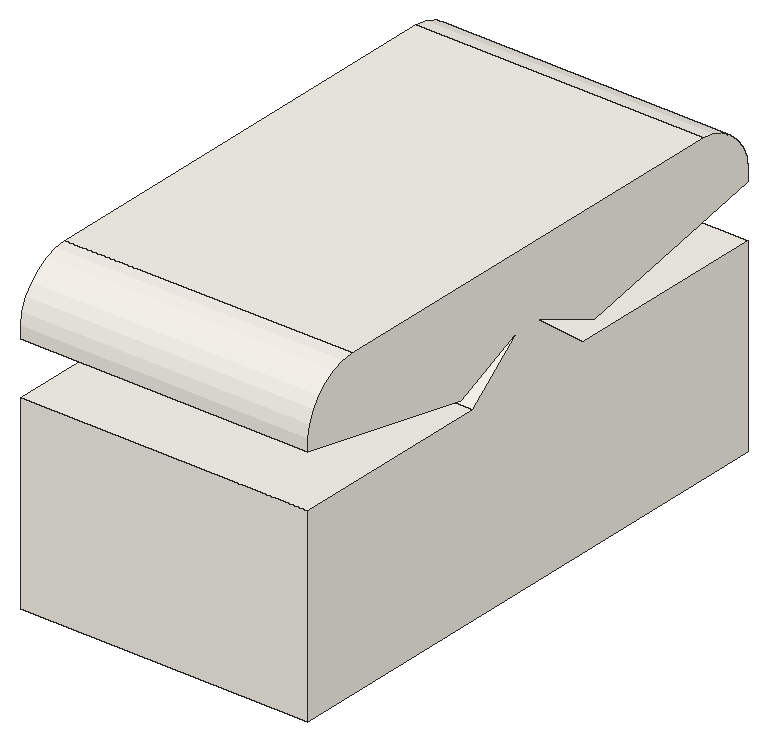
Revit family "Domotics-DomesticRanges-GEWISS-CHORUS_COMMAND-PUSH-BUTTON_ELECTRONIC_1M", category Apparecchi elettrici, host Superficie, Revit 2016
Family settings
  Host = Superficie
  Mantenere orientamento annotazione = Sì
  Tipo di parte = Normale
  Quota connettore circolare = Usa diametro
  Taglio con vuoti quando caricato = Sì
  Condiviso = Sì
  Punto di calcolo locali = Sì
Parameters (values of type "GW14916 - Electronic push-button 1M indicator titanium")
  tipo pulsante = 5
  Vista in pianta [instance] = yes
  Version file RFA = "19.0"
  URL = "https://www.gewiss.com/ww/en"
  Type: = "Backlit"
  Type of use: = ""
  Tipo simbolo = PULSANTI : LUM
  Tipo pulsante = CHORUS PULSANTI ELETTRONICI 1M_GENERICO : GW14916 Pulsante elettronico 1M segnalazione luminosa titanio
  Tipo = "Indicator"
  Technical sheet = "https://www.gewiss.com/ww/en/search?q=GW14916"
  Symbol = ""
  Simbolo_ [instance] = yes
  SEO = "Push button"
  Realized by GEWISS S.p.A. = ""
  Default Elevation = 1219.2 mm
  Produttore = "GEWISS S.p.A."
  Offset_pulsante [instance] = 0 mm
  Offset_bidimensionale [instance] = 2 mm
  No. Chorus modules: = "1"
  N. moduli Chorus = "1"
  Modello = "GW14916"
  Immagine tipo = GW14916.jpg
  IFC.TypeObject = ""
  IFC.ExportType = ""
  IFC.ExportAs = ""
  IDT = "900c6326-e09f-4f61-a302-cdb04b636b19"
  IDF = "69217882-810e-4cb6-b3cc-5f85b68fef88"
  GW - Tipo di impiego = "Bus contacts interfaces"
  GW - Tipo di contatto = "Potential-free"
  GW - Tensione di alimentazione = ""
  GW - Ingressi = "BUS"
  Electrocod = "0144"
  EAN code = "8011564816473"
  Distanza_x [instance] = 0 mm
  Distanza_effettiva_x [instance] = 1000 mm - Distanza_x  # 1000 mm
  Distanza orizzontale del simbolo [instance] = 86.144 mm
  Descrizione = "ELECTRONIC PUSH-BUTTON 1M INDICATOR TI."
  Description. = "Electronic push-button"
  Colore = "Titanium"
  Catalogue Range = "CHORUS - DOMESTIC RANGE"
  Catalogue = "DOMOTICS"
  COBie.Tagnumber = ""
  COBie.CreatedOn = ""
  COBie.CreatebBy = ""
  COBie.ComponentRegisterItemID = ""
  COBie.Component.TagNumber = ""
  COBie.Component.Space = ""
  COBie.Component.SerialNumber = ""
  COBie.Component.InstallationDate = ""
  COBie.Component.Description = ""
  COBie.Component.BarCode = ""
  Button key = "With replaceable neutral lens"
  16 = tipo pulsante = 5  # yes
  15 = tipo pulsante = 4  # no
  14 = tipo pulsante = 3  # no
  13 = tipo pulsante = 2  # no
  12 = tipo pulsante = 1  # no
Types (15, lengths in mm): name | tipo pulsante | Type: | Type of use: | Tipo simbolo | Tipo pulsante | Tipo | Technical sheet | Symbol | Modello | Immagine tipo | IDT | GW - Tipo di impiego | GW - Tipo di contatto | GW - Tensione di alimentazione | GW - Ingressi | Electrocod | EAN code | Descrizione | Colore | Button key | 16 | 15 | 14 | 13 | 12
  GW10912 - Backlit electronic push-button 1M white | 1 | "Backlit" | "Relay, dimmer" | PULSANTI : LUM | CHORUS PULSANTI ELETTRONICI 1M_GENERICO : GW10912 Pulsante elettronico luminoso 230V led 1M bianco | "Backlit" | "https://www.gewiss.com/ww/en/search?q=GW10912" | "" | "GW10912" | GW10912.jpg | "00ac8bcd-669f-42a7-bfa0-b39feeec2b25" | "Relay, dimmer" | "" | "230 V ac - 50/60 Hz" | "" | "0141" | "8011564705050" | "BACKLIT ELECTRONIC PUSH-BUTTON 1M W" | "White" | "With diffuser" | no | no | no | no | yes
  GW10913 - Backlit electronic bus push-button 1M white | 2 | "Backlit" | "Bus contacts interfaces" | PULSANTI : LUM | CHORUS PULSANTI ELETTRONICI 1M_GENERICO : GW10913 Pulsante elettronico BUS/230V biled 1M bianco | "Backlit" | "https://www.gewiss.com/ww/en/search?q=GW10913" | "" | "GW10913" | GW10913.jpg | "7b16244c-ef26-4c6a-ae09-2cb73698f338" | "Bus contacts interfaces" | "Potential-free" | "" | "BUS" | "0141" | "8011564705067" | "BACKLIT ELECTRONIC BUS PUSH-BUTTON 1M W" | "White" | "With diffuser" | no | no | no | yes | no
  GW10914 - Double electronic push-button 1M white | 3 | "" | "Roller shutters" | PULSANTI : DOPPIO | CHORUS PULSANTI ELETTRONICI 1M_GENERICO : GW10914 Pulsante elettronico BUS/230V doppio bianco | "UP - DOWN arrow" | "https://www.gewiss.com/ww/en/search?q=GW10914" | "UP - DOWN" | "GW10914" | GW10914.jpg | "f70aeb90-83ed-437d-8d47-7736badaffad" | "Roller shutters" | "Dual, potential-free and with interlock" | "" | "" | "0141" | "8011564705074" | "DOUBLE ELECTRONIC PUSH-BUTTON 1M W" | "White" | "Neutral" | no | no | yes | no | no
  GW10915 - Universal electronic push-button 1M white | 4 | "" | "Relay, dimmer, bus contacts interfaces" | PULSANTI : PULSANTE | CHORUS PULSANTI ELETTRONICI 1M_GENERICO : GW10915 Pulsante elettronico 1M BUS/230V bianco | "General" | "https://www.gewiss.com/ww/en/search?q=GW10915" | "" | "GW10915" | GW10915.jpg | "e3295cdd-0ba3-4eb5-8ea3-6b3dcbd2a79c" | "Relay, dimmer, bus contacts interfaces" | "Potential-free" | "" | "" | "0141" | "8011564764125" | "UNIVERSAL ELECTRONIC PUSH-BUTTON 1M W" | "White" | "Neutral" | no | yes | no | no | no
  GW10916 - Electronic push-button 1M indicator white | 5 | "Backlit" | "Bus contacts interfaces" | PULSANTI : LUM | CHORUS PULSANTI ELETTRONICI 1M_GENERICO : GW10916 Pulsante elettronico 1M segnalazione luminosa bianco | "Indicator" | "https://www.gewiss.com/ww/en/search?q=GW10916" | "" | "GW10916" | GW10916.jpg | "9d1701ae-b6b4-422c-a485-a2843fb821f3" | "Bus contacts interfaces" | "Potential-free" | "" | "BUS" | "0144" | "8011564816411" | "ELECTRONIC PUSH-BUTTON 1M INDICATOR WH" | "White" | "With replaceable neutral lens" | yes | no | no | no | no
  GW12912 - Backlit electronic push-button 1M black | 1 | "Backlit" | "Relay, dimmer" | PULSANTI : LUM | CHORUS PULSANTI ELETTRONICI 1M_GENERICO : GW12912 Pulsante elettronico luminoso 230V led 1M nero | "Backlit" | "https://www.gewiss.com/ww/en/search?q=GW12912" | "" | "GW12912" | GW12912.jpg | "7e17e983-cbd9-4e7b-8694-083c6ae7b132" | "Relay, dimmer" | "" | "230 V ac - 50/60 Hz" | "" | "0141" | "8011564705081" | "BACKLIT ELECTRONIC PUSH-BUTTON 1M B" | "Black" | "With diffuser" | no | no | no | no | yes
  GW12913 - Backlit electronic bus push-button 1M black | 2 | "Backlit" | "Bus contacts interfaces" | PULSANTI : LUM | CHORUS PULSANTI ELETTRONICI 1M_GENERICO : GW12913 Pulsante elettronico BUS/230V biled 1M nero | "Backlit" | "https://www.gewiss.com/ww/en/search?q=GW12913" | "" | "GW12913" | GW12913.jpg | "25d9ebd0-e3a2-4786-857e-cdbb310b4f4a" | "Bus contacts interfaces" | "Potential-free" | "" | "BUS" | "0141" | "8011564705098" | "BACKLIT ELECTRONIC BUS PUSH-BUTTON 1M B" | "Black" | "With diffuser" | no | no | no | yes | no
  GW12914 - Double electronic push-button 1M black | 3 | "" | "Roller shutters" | PULSANTI : DOPPIO | CHORUS PULSANTI ELETTRONICI 1M_GENERICO : GW12914 Pulsante elettronico BUS/230V doppio nero | "UP - DOWN arrow" | "https://www.gewiss.com/ww/en/search?q=GW12914" | "UP - DOWN" | "GW12914" | GW12914.jpg | "c3b6485d-161c-4200-a2a2-6ffacc241eaf" | "Roller shutters" | "Dual, potential-free and with interlock" | "" | "" | "0141" | "8011564705104" | "DOUBLE ELECTRONIC PUSH-BUTTON 1M B" | "Black" | "Neutral" | no | no | yes | no | no
  GW12915 - Universal electronic push-button 1M black | 4 | "" | "Relay, dimmer, bus contacts interfaces" | PULSANTI : PULSANTE | CHORUS PULSANTI ELETTRONICI 1M_GENERICO : GW12915 Pulsante elettronico 1M BUS/230V nero | "General" | "https://www.gewiss.com/ww/en/search?q=GW12915" | "" | "GW12915" | GW12915.jpg | "89dea649-7a95-42ca-a3f2-d5e40c9f9bdc" | "Relay, dimmer, bus contacts interfaces" | "Potential-free" | "" | "" | "0141" | "8011564764132" | "UNIVERSAL ELECTRONIC PUSH-BUTTON 1M B" | "Black" | "Neutral" | no | yes | no | no | no
  GW12916 - Electronic push-button 1M indicator black | 5 | "Backlit" | "" | PULSANTI : LUM | CHORUS PULSANTI ELETTRONICI 1M_GENERICO : GW12916 Pulsante elettronico 1M segnalazione luminosa nero | "Indicator" | "https://www.gewiss.com/ww/en/search?q=GW12916" | "" | "GW12916" | GW12916.jpg | "02873346-5441-4da6-b155-87504fd40484" | "Bus contacts interfaces" | "Potential-free" | "" | "BUS" | "0144" | "8011564816442" | "ELECTRONIC PUSH-BUTTON 1M INDICATOR BL." | "Black" | "With replaceable neutral lens" | yes | no | no | no | no
  GW14912 - Backlit electronic push-button 1M titanium | 1 | "Backlit" | "Relay, dimmer" | PULSANTI : LUM | CHORUS PULSANTI ELETTRONICI 1M_GENERICO : GW14912 Pulsante elettronico luminoso 230V led 1M titanio | "Backlit" | "https://www.gewiss.com/ww/en/search?q=GW14912" | "" | "GW14912" | GW14912.jpg | "3df1f08a-db58-4bbf-8378-0535a8b3f46b" | "Relay, dimmer" | "" | "230 V ac - 50/60 Hz" | "" | "0141" | "8011564705128" | "BACKLIT ELECTRONIC PUSH-BUTTON 1M T" | "Titanium" | "With diffuser" | no | no | no | no | yes
  GW14913 - Backlit electronic bus push-button 1M titanium | 2 | "Backlit" | "Bus contacts interfaces" | PULSANTI : LUM | CHORUS PULSANTI ELETTRONICI 1M_GENERICO : GW14913 Pulsante elettronico BUS/230V biled 1M titanio | "Backlit" | "https://www.gewiss.com/ww/en/search?q=GW14913" | "" | "GW14913" | GW14913.jpg | "d1f7a8f1-a6d1-4a16-889d-f96f0d77b4fc" | "Bus contacts interfaces" | "Potential-free" | "" | "BUS" | "0141" | "8011564705135" | "BACKLIT ELECTRONIC BUS PUSH-BUTTON 1M T" | "Titanium" | "With diffuser" | no | no | no | yes | no
  GW14914 - Double electronic push-button 1M titanium | 3 | "" | "Roller shutters" | PULSANTI : DOPPIO | CHORUS PULSANTI ELETTRONICI 1M_GENERICO : GW14914 Pulsante elettronico BUS/230V doppio titanio | "UP - DOWN arrow" | "https://www.gewiss.com/ww/en/search?q=GW14914" | "UP - DOWN" | "GW14914" | GW14914.jpg | "e45e54d8-bab8-4a1e-a165-91d228f967df" | "Roller shutters" | "Dual, potential-free and with interlock" | "" | "" | "0141" | "8011564705142" | "DOUBLE ELECTRONIC PUSH-BUTTON 1M T" | "Titanium" | "Neutral" | no | no | yes | no | no
  GW14915 - Universal electronic push-button 1M titanium | 4 | "" | "Relay, dimmer, bus contacts interfaces" | PULSANTI : PULSANTE | CHORUS PULSANTI ELETTRONICI 1M_GENERICO : GW14915 Pulsante elettronico 1M BUS/230V titanio | "General" | "https://www.gewiss.com/ww/en/search?q=GW14915" | "" | "GW14915" | GW14915.jpg | "8beb42e1-c672-4975-b50b-b33edc9f33b4" | "Relay, dimmer, bus contacts interfaces" | "Potential-free" | "" | "" | "0141" | "8011564764149" | "UNIVERSAL ELECTRONIC PUSH-BUTTON 1M T" | "Titanium" | "Neutral" | no | yes | no | no | no
  GW14916 - Electronic push-button 1M indicator titanium | 5 | "Backlit" | "" | PULSANTI : LUM | CHORUS PULSANTI ELETTRONICI 1M_GENERICO : GW14916 Pulsante elettronico 1M segnalazione luminosa titanio | "Indicator" | "https://www.gewiss.com/ww/en/search?q=GW14916" | "" | "GW14916" | GW14916.jpg | "900c6326-e09f-4f61-a302-cdb04b636b19" | "Bus contacts interfaces" | "Potential-free" | "" | "BUS" | "0144" | "8011564816473" | "ELECTRONIC PUSH-BUTTON 1M INDICATOR TI." | "Titanium" | "With replaceable neutral lens" | yes | no | no | no | no
Reference planes
  plane 1 "Centro (Fronte/Retro)": y = 0
  plane 2: z = 0
  plane 3 "Centro (Sinistra/Destra)": x = 0
  plane 4: x = -1000
  plane 5: x = 0
  plane 6: y = 20
  plane 7: z = 0
  plane 8: z = 24.434
  plane 9: z = 26.434
  plane 10: x = -13.5
  plane 11: x = 13.5
Lines and regions (mm)
  Masking region 1, detail levels coarse
    outline origin (0, 0, 0) x (0, 1, 0) y (0, 0, 1)
      loop
        line (-22, 24.434) -> (-22, 0) -> (22, 0) -> (22, 24.434) -> (-22, 24.434)
  Masking region 2
    outline origin (0, 0, 0) x (1, 0, 0) y (0, 0, 1)
      loop
        line (-13.5, 24.434) -> (-13.5, 0) -> (13.5, 0) -> (13.5, 24.434) -> (-13.5, 24.434)
Dimensions and locks
  plane 4 to plane 3 "Centro (Sinistra/Destra)" = 1000 mm
  "Distanza_effettiva_x": plane 4 to plane 5
  plane 6 to plane 1 "Centro (Fronte/Retro)" = 20 mm
  "Offset_pulsante": plane 7 to plane 2
  locked: plane 8 to plane 7 at 24.434
  "Offset_bidimensionale": plane 9 to plane 8
  aligned and locked: plane 2 to host face
  aligned and locked: level to host face
  aligned and locked: plane 3 "Centro (Sinistra/Destra)" to nested 1
  aligned and locked: plane 5 to nested 2
  aligned and locked: nested 2 to plane 6
  aligned and locked: plane 1 "Centro (Fronte/Retro)" to nested 3
  aligned and locked: nested 3 to plane 9
  aligned and locked: Masking region 1 sketch curve to nested 1
  aligned and locked: Masking region 1 sketch curve to plane 8
  aligned and locked: Masking region 1 sketch curve to plane 7
  aligned and locked: nested 1 to plane 11
  aligned and locked: Masking region 2 sketch curve to plane 10
  aligned and locked: Masking region 2 sketch curve to plane 8
  aligned and locked: Masking region 2 sketch curve to plane 11
  aligned and locked: Masking region 2 sketch curve to plane 7
Automatic sketch dimensions
  host sketch curve to host sketch curve = 2438.4 mm  (x2)
  plane 1 "Centro (Fronte/Retro)" to Masking region 1 sketch curve = 22 mm
Nested families
  nested 1: "CHORUS PULSANTI ELETTRONICI 1M_GENERICO" at (0, 0, 0), type <- "Tipo pulsante", visible <- "Vista in pianta", type "GW14916 Pulsante elettronico 1M segnalazione luminosa titanio", detail levels medium+fine
    with Distanza orizzontale del simbolo 194.799 mm
  nested 2: "PULSANTI" at (0, 20, 0), type <- "Tipo simbolo", SIMBOLO <- "Simbolo_", visible <- "Simbolo_", type "LUM"
    with TESTO ELETTRICO "", SIMBOLO yes, Distanza dal muro 4.208 mm, BORDO ACCESO yes
  nested 3: "2d_ CHORUS PULSANTI ELETTRONICI 1M" at (0, 0, 26.434), type "13", detail levels coarse
Definition of nested family "CHORUS PULSANTI ELETTRONICI 1M_GENERICO"
  Parameters (values of type "GW14916 Pulsante elettronico 1M segnalazione luminosa titanio")
    Default Elevation = 1219.2 mm
    Materiale = none
    Type Image = element 804095
    IFC.TypeObject = ""
    IFC.ExportType = ""
    IFC.ExportAs = ""
    GW - Tipo di impiego = "Interfacce contatti bus"
    GW - Tipo di contatto = "Privo di potenziale"
    Tipo = "Luminoso"
    GW - Tensione di alimentazione = ""
    N. moduli Chorus = "1"
    GW - Ingressi = "BUS"
    GW - Descrizione = "PULSANTE EL.1M SEGNALAZIONE LUM.TITANIO"
    GW - Costruttore = "GEWISS"
    Colore = "Titanio"
    GW - Codice = "GW14916"
    Catalogo = "DOMOTICS"
    GEWISS URL = "http://www.gewiss.com/prv/it_IT/index.html"
    GEWISS SCHEDA TECNICA = "http://pro.gewiss.com/irj/portal/?NavigationTarget=pcd:portal_content/com.gewiss.ZPPFDMain/com.gewiss.ZPPFDITMain/com.gewiss.ZPPFDITMainDefault/com.gewiss.ZPPFDITPages/com.gewiss.ZPPFDITPagesAP/com.gewiss.ZPPFDITPagesAPCatalogo/com.gewiss.ZPPPDITAPProductDetail&codProd=GW14916"
    Distanza verticale simbolo = 4.208 mm
    Distanza orizzontale del simbolo [instance] = 194.799 mm
    Dettaglio tipo 5 = yes
    Dettaglio tipo 3 = no
    Dettaglio tipi 1-2 = no
    COBie.CreatedOn = ""
    COBie.CreatebBy = ""
    COBie.ComponentRegisterItemID = ""
    COBie.Component.TagNumber = ""
    COBie.Component.Space = ""
    COBie.Component.SerialNumber = ""
    COBie.Component.InstallationDate = ""
    COBie.Component.Description = ""
    COBie.Component.BarCode = ""
  Types (15, lengths in mm): name | Type Image | GW - Tipo di impiego | GW - Tipo di contatto | Tipo | GW - Tensione di alimentazione | GW - Ingressi | GW - Descrizione | Colore | GW - Codice | GEWISS SCHEDA TECNICA | Dettaglio tipo 5 | Dettaglio tipo 3 | Dettaglio tipi 1-2
    GW10912 Pulsante elettronico luminoso 230V led 1M bianco | element 804067 | "Relè, dimmer" | "" | "Luminoso" | "230 V ac - 50/60 Hz" | "" | "PULS. ELETTR. LUMINOSO 230V LED 1M CH/WH" | "Bianco" | "GW10912" | "http://pro.gewiss.com/irj/portal/?NavigationTarget=pcd:portal_content/com.gewiss.ZPPFDMain/com.gewiss.ZPPFDITMain/com.gewiss.ZPPFDITMainDefault/com.gewiss.ZPPFDITPages/com.gewiss.ZPPFDITPagesAP/com.gewiss.ZPPFDITPagesAPCatalogo/com.gewiss.ZPPPDITAPProductDetail&codProd=GW10912" | no | no | yes
    GW10913 Pulsante elettronico BUS/230V biled 1M bianco | element 804069 | "Interfacce contatti bus" | "Privo di potenziale" | "Luminoso" | "" | "BUS" | "PULSANTE ELETTR.BUS/230V BILED 1M CH/WH" | "Bianco" | "GW10913" | "http://pro.gewiss.com/irj/portal/?NavigationTarget=pcd:portal_content/com.gewiss.ZPPFDMain/com.gewiss.ZPPFDITMain/com.gewiss.ZPPFDITMainDefault/com.gewiss.ZPPFDITPages/com.gewiss.ZPPFDITPagesAP/com.gewiss.ZPPFDITPagesAPCatalogo/com.gewiss.ZPPPDITAPProductDetail&codProd=GW10913" | no | no | yes
    GW10914 Pulsante elettronico BUS/230V doppio bianco | element 804071 | "Tapparelle" | "Doppio, privo di potenziale e con interblocco" | "Freccia SU - GIÚ" | "" | "" | "PULSANTE ELETTR.BUS/230V DOPPIO CH/WH" | "Bianco" | "GW10914" | "http://pro.gewiss.com/irj/portal/?NavigationTarget=pcd:portal_content/com.gewiss.ZPPFDMain/com.gewiss.ZPPFDITMain/com.gewiss.ZPPFDITMainDefault/com.gewiss.ZPPFDITPages/com.gewiss.ZPPFDITPagesAP/com.gewiss.ZPPFDITPagesAPCatalogo/com.gewiss.ZPPPDITAPProductDetail&codProd=GW10914" | no | yes | no
    GW12912 Pulsante elettronico luminoso 230V led 1M nero | element 804077 | "Relè, dimmer" | "" | "Luminoso" | "230 V ac - 50/60 Hz" | "" | "PULS. ELETTR. LUMINOSO 230V LED 1M CH/BK" | "Nero" | "GW12912" | "http://pro.gewiss.com/irj/portal/?NavigationTarget=pcd:portal_content/com.gewiss.ZPPFDMain/com.gewiss.ZPPFDITMain/com.gewiss.ZPPFDITMainDefault/com.gewiss.ZPPFDITPages/com.gewiss.ZPPFDITPagesAP/com.gewiss.ZPPFDITPagesAPCatalogo/com.gewiss.ZPPPDITAPProductDetail&codProd=GW12912" | no | no | yes
    GW12914 Pulsante elettronico BUS/230V doppio nero | element 804081 | "Tapparelle" | "Doppio, privo di potenziale e con interblocco" | "Freccia SU - GIÚ" | "" | "" | "PULSANTE ELETTR.BUS/230V DOPPIO CH/BK" | "Nero" | "GW12914" | "http://pro.gewiss.com/irj/portal/?NavigationTarget=pcd:portal_content/com.gewiss.ZPPFDMain/com.gewiss.ZPPFDITMain/com.gewiss.ZPPFDITMainDefault/com.gewiss.ZPPFDITPages/com.gewiss.ZPPFDITPagesAP/com.gewiss.ZPPFDITPagesAPCatalogo/com.gewiss.ZPPPDITAPProductDetail&codProd=GW12914" | no | yes | no
    GW12913 Pulsante elettronico BUS/230V biled 1M nero | element 804079 | "Interfacce contatti bus" | "Privo di potenziale" | "Luminoso" | "" | "BUS" | "PULSANTE ELETTR.BUS/230V BILED 1M CH/BK" | "Nero" | "GW12913" | "http://pro.gewiss.com/irj/portal/?NavigationTarget=pcd:portal_content/com.gewiss.ZPPFDMain/com.gewiss.ZPPFDITMain/com.gewiss.ZPPFDITMainDefault/com.gewiss.ZPPFDITPages/com.gewiss.ZPPFDITPagesAP/com.gewiss.ZPPFDITPagesAPCatalogo/com.gewiss.ZPPPDITAPProductDetail&codProd=GW12913" | no | no | yes
    GW12915 Pulsante elettronico 1M BUS/230V nero | element 804083 | "Relè, dimmer, interfacce contatti bus" | "Privo di potenziale" | "Generico" | "" | "" | "PULSANTE ELETTRONICO 1M BUS/230V CH/BK" | "Nero" | "GW12915" | "http://pro.gewiss.com/irj/portal/?NavigationTarget=pcd:portal_content/com.gewiss.ZPPFDMain/com.gewiss.ZPPFDITMain/com.gewiss.ZPPFDITMainDefault/com.gewiss.ZPPFDITPages/com.gewiss.ZPPFDITPagesAP/com.gewiss.ZPPFDITPagesAPCatalogo/com.gewiss.ZPPPDITAPProductDetail&codProd=GW12915" | no | no | no
    GW14912 Pulsante elettronico luminoso 230V led 1M titanio | element 804087 | "Relè, dimmer" | "" | "Luminoso" | "230 V ac - 50/60 Hz" | "" | "PULS. ELETTR. LUMINOSO 230V LED 1M CH/TI" | "Titanio" | "GW14912" | "http://pro.gewiss.com/irj/portal/?NavigationTarget=pcd:portal_content/com.gewiss.ZPPFDMain/com.gewiss.ZPPFDITMain/com.gewiss.ZPPFDITMainDefault/com.gewiss.ZPPFDITPages/com.gewiss.ZPPFDITPagesAP/com.gewiss.ZPPFDITPagesAPCatalogo/com.gewiss.ZPPPDITAPProductDetail&codProd=GW14912" | no | no | yes
    GW14913 Pulsante elettronico BUS/230V biled 1M titanio | element 804089 | "Interfacce contatti bus" | "Privo di potenziale" | "Luminoso" | "" | "BUS" | "PULSANTE ELETTR.BUS/230V BILED 1M CH/TI" | "Titanio" | "GW14913" | "http://pro.gewiss.com/irj/portal/?NavigationTarget=pcd:portal_content/com.gewiss.ZPPFDMain/com.gewiss.ZPPFDITMain/com.gewiss.ZPPFDITMainDefault/com.gewiss.ZPPFDITPages/com.gewiss.ZPPFDITPagesAP/com.gewiss.ZPPFDITPagesAPCatalogo/com.gewiss.ZPPPDITAPProductDetail&codProd=GW14913" | no | no | yes
    GW10915 Pulsante elettronico 1M BUS/230V bianco | element 804073 | "Relè, dimmer, interfacce contatti bus" | "Privo di potenziale" | "Generico" | "" | "" | "PULSANTE ELETTRONICO 1M BUS/230V BIANCO" | "Bianco" | "GW10915" | "http://pro.gewiss.com/irj/portal/?NavigationTarget=pcd:portal_content/com.gewiss.ZPPFDMain/com.gewiss.ZPPFDITMain/com.gewiss.ZPPFDITMainDefault/com.gewiss.ZPPFDITPages/com.gewiss.ZPPFDITPagesAP/com.gewiss.ZPPFDITPagesAPCatalogo/com.gewiss.ZPPPDITAPProductDetail&codProd=GW10915" | no | no | no
    GW10916 Pulsante elettronico 1M segnalazione luminosa bianco | element 804075 | "Interfacce contatti bus" | "Privo di potenziale" | "Luminoso" | "" | "BUS" | "PULSANTE EL.1MOD SEGNALAZIONE LUM.BIANCO" | "Bianco" | "GW10916" | "http://pro.gewiss.com/irj/portal/?NavigationTarget=pcd:portal_content/com.gewiss.ZPPFDMain/com.gewiss.ZPPFDITMain/com.gewiss.ZPPFDITMainDefault/com.gewiss.ZPPFDITPages/com.gewiss.ZPPFDITPagesAP/com.gewiss.ZPPFDITPagesAPCatalogo/com.gewiss.ZPPPDITAPProductDetail&codProd=GW10916" | yes | no | no
    GW12916 Pulsante elettronico 1M segnalazione luminosa nero | element 804085 | "Interfacce contatti bus" | "Privo di potenziale" | "Luminoso" | "" | "BUS" | "PULSANTE EL.1MOD SEGNALAZIONE LUM.NERO" | "Nero" | "GW12916" | "http://pro.gewiss.com/irj/portal/?NavigationTarget=pcd:portal_content/com.gewiss.ZPPFDMain/com.gewiss.ZPPFDITMain/com.gewiss.ZPPFDITMainDefault/com.gewiss.ZPPFDITPages/com.gewiss.ZPPFDITPagesAP/com.gewiss.ZPPFDITPagesAPCatalogo/com.gewiss.ZPPPDITAPProductDetail&codProd=GW12916" | yes | no | no
    GW14914 Pulsante elettronico BUS/230V doppio titanio | element 804091 | "Tapparelle" | "Doppio, privo di potenziale e con interblocco" | "Freccia SU - GIÚ" | "" | "" | "PULSANTE ELETTR.BUS/230V DOPPIO CH/TI" | "Titanio" | "GW14914" | "http://pro.gewiss.com/irj/portal/?NavigationTarget=pcd:portal_content/com.gewiss.ZPPFDMain/com.gewiss.ZPPFDITMain/com.gewiss.ZPPFDITMainDefault/com.gewiss.ZPPFDITPages/com.gewiss.ZPPFDITPagesAP/com.gewiss.ZPPFDITPagesAPCatalogo/com.gewiss.ZPPPDITAPProductDetail&codProd=GW14914" | no | yes | no
    GW14915 Pulsante elettronico 1M BUS/230V titanio | element 804083 | "Relè, dimmer, interfacce contatti bus" | "Privo di potenziale" | "Generico" | "" | "" | "PULSANTE ELETTRONICO 1M BUS/230V CH/TI" | "Titanio" | "GW14915" | "http://pro.gewiss.com/irj/portal/?NavigationTarget=pcd:portal_content/com.gewiss.ZPPFDMain/com.gewiss.ZPPFDITMain/com.gewiss.ZPPFDITMainDefault/com.gewiss.ZPPFDITPages/com.gewiss.ZPPFDITPagesAP/com.gewiss.ZPPFDITPagesAPCatalogo/com.gewiss.ZPPPDITAPProductDetail&codProd=GW14915" | no | no | no
    GW14916 Pulsante elettronico 1M segnalazione luminosa titanio | element 804095 | "Interfacce contatti bus" | "Privo di potenziale" | "Luminoso" | "" | "BUS" | "PULSANTE EL.1M SEGNALAZIONE LUM.TITANIO" | "Titanio" | "GW14916" | "http://pro.gewiss.com/irj/portal/?NavigationTarget=pcd:portal_content/com.gewiss.ZPPFDMain/com.gewiss.ZPPFDITMain/com.gewiss.ZPPFDITMainDefault/com.gewiss.ZPPFDITPages/com.gewiss.ZPPFDITPagesAP/com.gewiss.ZPPFDITPagesAPCatalogo/com.gewiss.ZPPPDITAPProductDetail&codProd=GW14916" | yes | no | no
  Reference planes
    plane 1 "Centro (Fronte/Retro)": y = 0
    plane 2: z = 0
    plane 3 "Centro (Sinistra/Destra)": x = 0
    plane 4 "DETTAGLI PROSPETTO": z = 24.434
  Forms (mm)
    Extrusion 1, solid, material <- "Materiale"
      sketch origin (250, -326.84, -117.321) x (0, 0, 1) y (0, 1, 0)
        loop
          line (132.428, 321.356) -> (136.138, 325.938) -> (133.559, 320.145) -> (136.64, 304.84)
          arc (136.64, 304.84) -> (140.172, 305.943) -> (141.755, 309.286) r 4.609
          line (141.755, 309.286) -> (141.755, 344.394)
          arc (141.755, 344.394) -> (140.172, 347.737) -> (136.64, 348.84) r 4.609
          line (136.64, 348.84) -> (133.559, 333.535) -> (136.138, 327.742) -> (132.428, 332.324) -> (132.428, 348.84) -> (117.321, 348.84) -> (117.321, 304.84) -> (132.428, 304.84) -> (132.428, 321.356)
      from 236.5 to 259.5
  Lines and regions (mm)
    model lines, visible <- "Dettaglio tipi 1-2"
      curve 1: line (8.1, -5.46, 24.434) -> (8.1, -18.66, 24.434)
      curve 2: line (8.1, -18.66, 24.434) -> (5.4, -18.66, 24.434)
      curve 3: line (5.4, -18.66, 24.434) -> (5.4, -5.46, 24.434)
      curve 4: line (5.4, -5.46, 24.434) -> (8.1, -5.46, 24.434)
    model lines, visible <- "Dettaglio tipo 3", detail levels fine
      curve 5: line (10.731, 15.105, 24.434) -> (6.779, 17.771, 24.434)
      curve 6: line (6.779, 17.771, 24.434) -> (2.828, 15.105, 24.434)
      curve 7: line (10.731, -12.425, 24.434) -> (6.779, -15.091, 24.434)
      curve 8: line (6.779, -15.091, 24.434) -> (2.828, -12.425, 24.434)
    model lines, visible <- "Dettaglio tipo 5", detail levels fine
      curve 9: line (10.113, -12.33, 24.434) -> (10.113, -18.664, 24.434)
      curve 10: line (10.113, -18.664, 24.434) -> (3.779, -18.664, 24.434)
      curve 11: line (3.779, -18.664, 24.434) -> (3.779, -12.33, 24.434)
      curve 12: line (3.779, -12.33, 24.434) -> (10.113, -12.33, 24.434)
  Dimensions and locks
    aligned and locked: level to plane 2
    aligned and locked: curve 1 to plane 4 "DETTAGLI PROSPETTO"
    aligned and locked: plane 4 "DETTAGLI PROSPETTO" to curve 5  (x2)
    aligned and locked: plane 4 "DETTAGLI PROSPETTO" to curve 3
    aligned and locked: curve 9 to plane 4 "DETTAGLI PROSPETTO"
    aligned and locked: curve 7 to plane 4 "DETTAGLI PROSPETTO"
    aligned and locked: plane 4 "DETTAGLI PROSPETTO" to curve 11
    aligned and locked: plane 4 "DETTAGLI PROSPETTO" to curve 12
    aligned and locked: plane 4 "DETTAGLI PROSPETTO" to curve 8
    aligned and locked: plane 4 "DETTAGLI PROSPETTO" to curve 7
    aligned and locked: curve 6 to plane 4 "DETTAGLI PROSPETTO"
    aligned and locked: level to Extrusion 1 sketch curve
    aligned and locked: plane 4 "DETTAGLI PROSPETTO" to Extrusion 1 sketch curve
Definition of nested family "PULSANTI"
  Parameters (values of type "DIMMMANOP")
    TESTO ELETTRICO [instance] = ""
    Simbolo = PULSANTI_BASE : DIMMMANOP
    SIMBOLO [instance] = yes
    Distanza dal muro [instance] = 4.208 mm
    BORDO ACCESO [instance] = yes
  Types (11, lengths in mm): name | TESTO ELETTRICO | Simbolo
    PULSANTE | "" | PULSANTI_BASE : PULSANTE
    PULSTIRANTE | "" | PULSANTI_BASE : PULSTIRANTE
    PULSCHIAVE | "" | PULSANTI_BASE : PULSCHIAVE
    TARGA | "" | PULSANTI_BASE : TARGA
    RRNC | "A" | PULSANTI_BASE : RRNC
    MARNO | "M" | PULSANTI_BASE : MARNO
    LUM | "" | PULSANTI_BASE : LUM
    DOPPIO | "" | PULSANTI_BASE : DOPPIO
    DIMMPULS | "" | PULSANTI_BASE : DIMMPULS
    DIMMMANOP | "" | PULSANTI_BASE : DIMMMANOP
    DIMMMANOPDEV | "" | PULSANTI_BASE : DIMMMANOPDEV
  Reference planes
    plane 1: y = 0
    plane 2: x = 0
  Lines and regions (mm)
    detail lines, visible <- "BORDO ACCESO", not visible
      curve 1: line (-2.25, 0.412, 0) -> (2.25, 0.412, 0)
      curve 2: line (2.25, 0.412, 0) -> (2.25, -5.588, 0)
      curve 3: line (2.25, -5.588, 0) -> (-2.25, -5.588, 0)
      curve 4: line (-2.25, -5.588, 0) -> (-2.25, 0.412, 0)
      curve 30: line (-1.85, 0.012, 0) -> (1.85, 0.012, 0)
      curve 31: line (1.85, 0.012, 0) -> (1.85, -5.188, 0)
      curve 32: line (1.85, -5.188, 0) -> (-1.85, -5.188, 0)
      curve 33: line (-1.85, -5.188, 0) -> (-1.85, 0.012, 0)
      curve 34: line (-2.25, 6, 0) -> (2.25, 6, 0)
      curve 35: line (2.25, 6, 0) -> (2.25, 0, 0)
      curve 36: line (2.25, 0, 0) -> (-2.25, 0, 0)
      curve 37: line (-2.25, 0, 0) -> (-2.25, 6, 0)
      curve 61: line (-1.85, 5.6, 0) -> (1.85, 5.6, 0)
      curve 62: line (1.85, 5.6, 0) -> (1.85, 0.4, 0)
      curve 63: line (1.85, 0.4, 0) -> (-1.85, 0.4, 0)
      curve 64: line (-1.85, 0.4, 0) -> (-1.85, 5.6, 0)
      curve 65: line (-2.443, 10.208, 0) -> (2.057, 10.208, 0)
      curve 66: line (2.057, 10.208, 0) -> (2.057, 4.208, 0)
      curve 67: line (2.057, 4.208, 0) -> (-2.443, 4.208, 0)
      curve 68: line (-2.443, 4.208, 0) -> (-2.443, 10.208, 0)
      curve 69: line (-2.043, 9.808, 0) -> (1.657, 9.808, 0)
      curve 70: line (1.657, 9.808, 0) -> (1.657, 4.608, 0)
      curve 71: line (1.657, 4.608, 0) -> (-2.043, 4.608, 0)
      curve 72: line (-2.043, 4.608, 0) -> (-2.043, 9.808, 0)
    detail lines, not visible
      curve 5: line (-9.473, -5.588, 0) -> (10.527, -5.588, 0)
      curve 6: circle (-0.56, -0.487, 0) r 0.969 normal (0, 0, 1)
      curve 7: line (-0.005, 0.306, 0) -> (0.852, 1.529, 0)
      curve 8: line (0.852, 1.529, 0) -> (1.529, 1.047, 0)
      curve 9: circle (-0.56, -315.487, 0) r 0.969 normal (0, 0, 1)
      curve 10: line (-0.005, -314.694, 0) -> (0.852, -313.471, 0)
      curve 11: line (0.852, -313.471, 0) -> (1.529, -313.953, 0)
      curve 12: line (-1.245, -314.803, 0) -> (0.124, -316.172, 0)
      curve 13: line (0.124, -314.803, 0) -> (-1.245, -316.172, 0)
      curve 14: circle (-0.56, -480.487, 0) r 0.969 normal (0, 0, 1)
      curve 15: line (-0.005, -479.694, 0) -> (0.852, -478.471, 0)
      curve 16: line (0.852, -478.471, 0) -> (1.529, -478.953, 0)
      curve 17: line (0.493, -478.983, 0) -> (1.167, -479.462, 0)
      curve 18: circle (-0.56, -880.487, 0) r 0.969 normal (0, 0, 1)
      curve 19: line (-0.005, -879.694, 0) -> (0.852, -878.471, 0)
      curve 20: line (0.852, -878.471, 0) -> (1.529, -878.953, 0)
      curve 21: line (-1.245, -879.803, 0) -> (0.124, -881.172, 0)
      curve 22: line (0.124, -879.803, 0) -> (-1.245, -881.172, 0)
      curve 23: line (0.493, -878.983, 0) -> (1.167, -879.462, 0)
      curve 24: circle (-0.56, -365.487, 0) r 0.969 normal (0, 0, 1)
      curve 25: line (-0.005, -364.694, 0) -> (0.852, -363.471, 0)
      curve 26: line (0.852, -363.471, 0) -> (1.529, -363.953, 0)
      curve 27: line (-0.56, -364.925, 0) -> (-0.56, -366.05, 0)
      curve 28: line (0.493, -363.983, 0) -> (1.167, -364.462, 0)
      curve 29: line (0, 3.621, 0) -> (0, -16.379, 0)
      curve 38: circle (-0.56, 2.417, 0) r 0.969 normal (0, 0, 1)
      curve 39: line (-0.005, 3.21, 0) -> (0.852, 4.433, 0)
      curve 40: line (0.852, 4.433, 0) -> (1.529, 3.951, 0)
      curve 41: circle (-0.56, 2.417, 0) r 0.969 normal (0, 0, 1)
      curve 42: line (-0.005, 3.21, 0) -> (0.852, 4.433, 0)
      curve 43: line (0.852, 4.433, 0) -> (1.529, 3.951, 0)
      curve 44: line (-1.245, 3.102, 0) -> (0.124, 1.732, 0)
      curve 45: line (0.124, 3.102, 0) -> (-1.245, 1.732, 0)
      curve 46: circle (-0.56, 2.417, 0) r 0.969 normal (0, 0, 1)
      curve 47: line (-0.005, 3.21, 0) -> (0.852, 4.433, 0)
      curve 48: line (0.852, 4.433, 0) -> (1.529, 3.951, 0)
      curve 49: circle (-0.56, 2.417, 0) r 0.969 normal (0, 0, 1)
      curve 50: line (-0.005, 3.21, 0) -> (0.852, 4.433, 0)
      curve 51: line (0.852, 4.433, 0) -> (1.529, 3.951, 0)
      curve 52: line (-1.245, 3.102, 0) -> (0.124, 1.732, 0)
      curve 53: line (0.124, 3.102, 0) -> (-1.245, 1.732, 0)
      curve 54: line (0.493, 3.921, 0) -> (1.167, 3.442, 0)
      curve 55: line (0.493, 3.921, 0) -> (1.167, 3.442, 0)
      curve 56: circle (-0.56, 2.417, 0) r 0.969 normal (0, 0, 1)
      curve 57: line (-0.005, 3.21, 0) -> (0.852, 4.433, 0)
      curve 58: line (0.852, 4.433, 0) -> (1.529, 3.951, 0)
      curve 59: line (-0.56, 2.979, 0) -> (-0.56, 1.854, 0)
      curve 60: line (0.493, 3.921, 0) -> (1.167, 3.442, 0)
      curve 73: line (-1.644, 2.848, 0) -> (1.644, 2.848, 0)
      curve 74: line (-1.644, 0.61, 0) -> (-1.644, 2.848, 0)
      curve 75: line (1.644, 0.61, 0) -> (-1.644, 0.61, 0)
      curve 76: line (1.644, 2.848, 0) -> (1.644, 0.61, 0)
      curve 77: line (-1.325, 0.987, 0) -> (1.325, 0.987, 0)
      curve 78: circle (0, 1.912, 0) r 0.5 normal (0, 0, 1)
      curve 79: circle (0, 1.912, 0) r 0.8 normal (0, 0, 1)
      curve 80: line (-1.325, 0.987, 0) -> (1.325, 0.987, 0)
      curve 81: line (-0.354, 2.265, 0) -> (0.354, 1.558, 0)
      curve 82: line (0.354, 2.265, 0) -> (-0.354, 1.558, 0)
  Dimensions and locks
    aligned and locked: curve 5 to curve 3
    aligned and locked: plane 2 to nested 1
    aligned and locked: plane 1 to nested 1
  Nested families
    nested 1: "PULSANTI_BASE" at (0, 0, 0), BORDO ACCESO <- "BORDO ACCESO", type <- "Simbolo", TESTO ELETTRICO <- "TESTO ELETTRICO", visible <- "SIMBOLO", type "DIMMMANOP"
      with TESTO ELETTRICO "", BORDO ACCESO yes
  Definition of nested family "PULSANTI_BASE"
    Parameters (values of type "DIMMMANOPDEV")
      TEXT = no
      TESTO ELETTRICO [instance] = ""
      TARGA = no
      PULSANTECHIAVE = no
      PULSTIRANTE = no
      PULSANTE = no
      LUM = no
      DOPPIO = no
      DIMMPULSINT = no
      DIMMPULS = no
      DIMMMANOPDEV = yes
      BORDO ACCESO [instance] = yes
    Types (11, lengths in mm): name | TEXT | TARGA | PULSANTECHIAVE | PULSTIRANTE | PULSANTE | LUM | DOPPIO | DIMMPULSINT | DIMMPULS | DIMMMANOPDEV
      PULSANTE | no | no | no | no | yes | no | no | no | no | no
      PULSTIRANTE | no | no | no | yes | yes | no | no | no | no | no
      PULSCHIAVE | no | no | yes | no | yes | no | no | no | no | no
      TARGA | no | yes | no | no | no | no | no | no | no | no
      RRNC | yes | no | no | no | yes | no | no | no | no | no
      MARNO | yes | no | no | no | yes | no | no | no | no | no
      LUM | no | no | no | no | no | yes | no | no | no | no
      DOPPIO | no | no | no | no | no | no | yes | no | no | no
      DIMMPULS | no | no | no | no | no | no | no | yes | yes | no
      DIMMMANOP | no | no | no | no | no | no | no | no | yes | no
      DIMMMANOPDEV | no | no | no | no | no | no | no | no | no | yes
    Reference planes
      plane 1: y = 0
      plane 2: x = 0
    Lines and regions (mm)
      detail lines, visible <- "PULSANTE"
        curve 1: circle (0, 1.258, 0) r 0.527 normal (0, 0, 1)
        curve 11: circle (0, 1.258, 0) r 0.394 normal (0, 0, 1)
      detail lines, visible <- "BORDO ACCESO", not visible
        curve 2: line (-1.943, 9.208, 0) -> (1.857, 9.208, 0)
        curve 3: line (1.857, 9.208, 0) -> (1.857, 4.208, 0)
        curve 4: line (1.857, 4.208, 0) -> (-1.943, 4.208, 0)
        curve 5: line (-1.943, 4.208, 0) -> (-1.943, 9.208, 0)
        curve 6: line (-1.743, 9.008, 0) -> (1.657, 9.008, 0)
        curve 7: line (1.657, 9.008, 0) -> (1.657, 4.408, 0)
        curve 8: line (1.657, 4.408, 0) -> (-1.743, 4.408, 0)
        curve 9: line (-1.743, 4.408, 0) -> (-1.743, 9.008, 0)
      detail lines, visible <- "PULSANTECHIAVE"
        curve 10: line (0, 1.49, 0) -> (0, 0.929, 0)
      detail lines, visible <- "PULSTIRANTE"
        curve 12: line (0, 0.732, 0) -> (0, 0.441, 0)
        curve 13: line (-0.162, 0.441, 0) -> (0.162, 0.441, 0)
        curve 14: line (-0.162, 0.441, 0) -> (0, 0.16, 0)
        curve 15: line (0, 0.16, 0) -> (0.162, 0.441, 0)
      detail lines, visible <- "TARGA"
        curve 16: line (-0.866, 1.843, 0) -> (0.866, 1.843, 0)
        curve 17: line (-0.866, 0.665, 0) -> (-0.866, 1.843, 0)
        curve 18: line (0.866, 0.665, 0) -> (-0.866, 0.665, 0)
        curve 19: line (0.866, 1.843, 0) -> (0.866, 0.665, 0)
        curve 20: line (-0.698, 0.863, 0) -> (-0.469, 0.863, 0)
        curve 21: circle (0, 1.35, 0) r 0.263 normal (0, 0, 1)
        curve 22: circle (0, 1.35, 0) r 0.421 normal (0, 0, 1)
        curve 23: line (-0.698, 0.863, 0) -> (-0.469, 0.863, 0)
        curve 24: line (-0.186, 1.536, 0) -> (0.186, 1.164, 0)
        curve 25: line (0.186, 1.536, 0) -> (-0.186, 1.164, 0)
      detail lines, visible <- "TARGA", not visible
        curve 26: line (-1.644, 2.848, 0) -> (1.644, 2.848, 0)
        curve 27: line (-1.644, 0.61, 0) -> (-1.644, 2.848, 0)
        curve 28: line (1.644, 0.61, 0) -> (-1.644, 0.61, 0)
        curve 29: line (1.644, 2.848, 0) -> (1.644, 0.61, 0)
        curve 30: line (-1.325, 0.987, 0) -> (1.325, 0.987, 0)
        curve 31: circle (0, 1.912, 0) r 0.5 normal (0, 0, 1)
        curve 32: circle (0, 1.912, 0) r 0.8 normal (0, 0, 1)
        curve 33: line (-1.325, 0.987, 0) -> (1.325, 0.987, 0)
        curve 34: line (-0.354, 2.265, 0) -> (0.354, 1.558, 0)
        curve 35: line (0.354, 2.265, 0) -> (-0.354, 1.558, 0)
        curve 59: line (-0.866, 3.093, 0) -> (0.866, 3.093, 0)
        curve 60: line (-0.866, 1.915, 0) -> (-0.866, 3.093, 0)
        curve 61: line (0.866, 1.915, 0) -> (-0.866, 1.915, 0)
        curve 62: line (0.866, 3.093, 0) -> (0.866, 1.915, 0)
        curve 63: line (-0.698, 2.113, 0) -> (0.698, 2.113, 0)
        curve 64: circle (0, 2.6, 0) r 0.263 normal (0, 0, 1)
        curve 65: circle (0, 2.6, 0) r 0.421 normal (0, 0, 1)
        curve 66: line (-0.698, 2.113, 0) -> (0.698, 2.113, 0)
        curve 67: line (-0.186, 2.786, 0) -> (0.186, 2.414, 0)
        curve 68: line (0.186, 2.786, 0) -> (-0.186, 2.414, 0)
      detail lines, visible <- "LUM"
        curve 36: circle (0, 1.258, 0) r 0.527 normal (0, 0, 1)
        curve 37: circle (0, 1.258, 0) r 0.394 normal (0, 0, 1)
        curve 38: line (0.279, 0.979, 0) -> (-0.279, 1.537, 0)
        curve 39: line (-0.279, 0.979, 0) -> (0.279, 1.537, 0)
      detail lines, visible <- "LUM", not visible
        curve 40: circle (0, -4.588, 0) r 1 normal (0, 0, 1)
        curve 41: circle (0, -4.588, 0) r 0.749 normal (0, 0, 1)
        curve 42: line (0.53, -5.117, 0) -> (-0.53, -4.058, 0)
        curve 43: line (-0.53, -5.117, 0) -> (0.53, -4.058, 0)
        curve 69: circle (0, 2.508, 0) r 0.527 normal (0, 0, 1)
        curve 70: circle (0, 2.508, 0) r 0.394 normal (0, 0, 1)
        curve 71: line (0.279, 2.229, 0) -> (-0.279, 2.787, 0)
        curve 72: line (-0.279, 2.229, 0) -> (0.279, 2.787, 0)
      detail lines, visible <- "DOPPIO"
        curve 44: circle (0, 1.785, 0) r 0.527 normal (0, 0, 1)
        curve 45: circle (0, 1.785, 0) r 0.394 normal (0, 0, 1)
        curve 46: circle (0, 0.732, 0) r 0.527 normal (0, 0, 1)
        curve 47: circle (0, 0.732, 0) r 0.394 normal (0, 0, 1)
      detail lines, visible <- "DOPPIO", not visible
        curve 48: circle (0, -6.992, 0) r 1 normal (0, 0, 1)
        curve 49: circle (0, -6.992, 0) r 0.749 normal (0, 0, 1)
        curve 50: circle (0, -8.992, 0) r 1 normal (0, 0, 1)
        curve 51: circle (0, -8.992, 0) r 0.749 normal (0, 0, 1)
        curve 73: circle (0, 3.035, 0) r 0.527 normal (0, 0, 1)
        curve 74: circle (0, 3.035, 0) r 0.394 normal (0, 0, 1)
        curve 75: circle (0, 1.982, 0) r 0.527 normal (0, 0, 1)
        curve 76: circle (0, 1.982, 0) r 0.394 normal (0, 0, 1)
      detail lines, visible <- "PULSANTE", not visible
        curve 52: circle (0, 2.508, 0) r 0.527 normal (0, 0, 1)
        curve 54: circle (0, 2.508, 0) r 0.394 normal (0, 0, 1)
      detail lines, visible <- "PULSANTECHIAVE", not visible
        curve 53: line (0, 2.809, 0) -> (0, 2.179, 0)
      detail lines, visible <- "PULSTIRANTE", not visible
        curve 55: line (0, 1.982, 0) -> (0, 1.691, 0)
        curve 56: line (-0.162, 1.691, 0) -> (0.162, 1.691, 0)
        curve 57: line (-0.162, 1.691, 0) -> (0, 1.41, 0)
        curve 58: line (0, 1.41, 0) -> (0.162, 1.691, 0)
      detail lines, visible <- "DIMMPULS"
        curve 77: circle (-0.18, 0.945, 0) r 0.4 normal (0, 0, 1)
        curve 79: line (-0.118, 1.411, 0) -> (0.479, 1.411, 0)
        curve 80: line (0.479, 1.411, 0) -> (0.479, 1.676, 0)
        curve 81: line (0.479, 1.676, 0) -> (-0.118, 1.411, 0)
        curve 82: line (0.095, 1.236, 0) -> (0.521, 1.843, 0)
      detail lines, visible <- "DIMMPULSINT"
        curve 78: circle (-0.18, 0.945, 0) r 0.3 normal (0, 0, 1)
      detail lines, visible <- "DIMMMANOPDEV"
        curve 83: circle (0.027, 1.185, 0) r 0.289 normal (0, 0, 1)
        curve 84: line (0.071, 1.522, 0) -> (0.502, 1.522, 0)
        curve 85: line (0.502, 1.522, 0) -> (0.502, 1.712, 0)
        curve 86: line (0.502, 1.712, 0) -> (0.071, 1.522, 0)
        curve 87: line (0.225, 1.395, 0) -> (0.519, 1.814, 0)
        curve 88: line (0.519, 1.814, 0) -> (0.814, 1.607, 0)
        curve 89: line (-0.088, 0.921, 0) -> (-0.357, 0.485, 0)
        curve 90: line (-0.357, 0.485, 0) -> (-0.664, 0.675, 0)
    Text (mm)
      label "TXT" at (0.016, 1.223, 0), shows "TESTO ELETTRICO", visible <- "TEXT"
      label "TXT" at (0.016, 2.473, 0), shows "TESTO ELETTRICO", visible <- "TEXT", not visible
Definition of nested family "2d_ CHORUS PULSANTI ELETTRONICI 1M"
  Parameters (values of type "16")
    16 = yes
    15 = yes
    14 = yes
    13 = yes
    12 = yes
  Types (5): name
    13
    12
    14
    15
    16
  Reference planes
    plane 1 "Centro (Fronte/Retro)": y = 0
    plane 2: z = 0
    plane 3 "Centro (Sinistra/Destra)": x = 0
    plane 4: x = -11.5
    plane 5: x = 11.5
    plane 6: y = 22.5
    plane 7: y = -22.5
  Lines and regions (mm)
    model lines, visible <- "16"
      curve 1: line (11.5, -22.5, 0) -> (11.5, 22.5, 0)
      curve 2: line (11.5, 22.5, 0) -> (-11.5, 22.5, 0)
      curve 3: line (-11.5, 22.5, 0) -> (-11.5, -22.5, 0)
      curve 4: line (-11.5, -22.5, 0) -> (11.5, -22.5, 0)
      curve 5: line (8.589, -15, 0) -> (8.589, -20, 0)
      curve 6: line (8.589, -20, 0) -> (3.589, -20, 0)
      curve 7: line (3.589, -20, 0) -> (3.589, -15, 0)
      curve 8: line (3.589, -15, 0) -> (8.589, -15, 0)
    model lines, visible <- "14"
      curve 9: line (11.5, -22.5, 0) -> (11.5, 22.5, 0)
      curve 10: line (11.5, 22.5, 0) -> (-11.5, 22.5, 0)
      curve 11: line (-11.5, 22.5, 0) -> (-11.5, -22.5, 0)
      curve 12: line (-11.5, -22.5, 0) -> (11.5, -22.5, 0)
      curve 13: line (8.731, 13.765, 0) -> (4.779, 16.431, 0)
      curve 14: line (4.779, 16.431, 0) -> (0.828, 13.765, 0)
      curve 15: line (8.731, -13.765, 0) -> (4.779, -16.431, 0)
      curve 16: line (4.779, -16.431, 0) -> (0.828, -13.765, 0)
    model lines, visible <- "15"
      curve 17: line (11.5, -22.5, 0) -> (11.5, 22.5, 0)
      curve 18: line (11.5, 22.5, 0) -> (-11.5, 22.5, 0)
      curve 19: line (-11.5, 22.5, 0) -> (-11.5, -22.5, 0)
      curve 20: line (-11.5, -22.5, 0) -> (11.5, -22.5, 0)
    model lines, visible <- "13"
      curve 21: line (11.5, -22.5, 0) -> (11.5, 22.5, 0)
      curve 22: line (11.5, 22.5, 0) -> (-11.5, 22.5, 0)
      curve 23: line (-11.5, 22.5, 0) -> (-11.5, -22.5, 0)
      curve 24: line (-11.5, -22.5, 0) -> (11.5, -22.5, 0)
      curve 25: line (8.589, -6.8, 0) -> (8.589, -20, 0)
      curve 26: line (8.589, -20, 0) -> (5.889, -20, 0)
      curve 27: line (5.889, -20, 0) -> (5.889, -6.8, 0)
      curve 28: line (5.889, -6.8, 0) -> (8.589, -6.8, 0)
    model lines, visible <- "15", not visible
      curve 29: line (85.37, 48.992, 0) -> (85.37, 93.992, 0)
      curve 30: line (85.37, 93.992, 0) -> (62.37, 93.992, 0)
      curve 31: line (62.37, 93.992, 0) -> (62.37, 48.992, 0)
      curve 32: line (62.37, 48.992, 0) -> (85.37, 48.992, 0)
    model lines, visible <- "14", not visible
      curve 33: line (111.753, 49.326, 0) -> (111.753, 94.326, 0)
      curve 34: line (111.753, 94.326, 0) -> (88.753, 94.326, 0)
      curve 35: line (88.753, 94.326, 0) -> (88.753, 49.326, 0)
      curve 36: line (88.753, 49.326, 0) -> (111.753, 49.326, 0)
      curve 37: line (108.984, 85.591, 0) -> (105.033, 88.257, 0)
      curve 38: line (105.033, 88.257, 0) -> (101.081, 85.591, 0)
      curve 39: line (108.984, 58.06, 0) -> (105.033, 55.394, 0)
      curve 40: line (105.033, 55.394, 0) -> (101.081, 58.06, 0)
    model lines, visible <- "13", not visible
      curve 41: line (140.474, 50.327, 0) -> (140.474, 95.327, 0)
      curve 42: line (140.474, 95.327, 0) -> (117.474, 95.327, 0)
      curve 43: line (117.474, 95.327, 0) -> (117.474, 50.327, 0)
      curve 44: line (117.474, 50.327, 0) -> (140.474, 50.327, 0)
      curve 45: line (137.564, 66.027, 0) -> (137.564, 52.827, 0)
      curve 46: line (137.564, 52.827, 0) -> (134.864, 52.827, 0)
      curve 47: line (134.864, 52.827, 0) -> (134.864, 66.027, 0)
      curve 48: line (134.864, 66.027, 0) -> (137.564, 66.027, 0)
    model lines, visible <- "16", not visible
      curve 49: line (185.474, 50.327, 0) -> (185.474, 95.327, 0)
      curve 50: line (185.474, 95.327, 0) -> (162.474, 95.327, 0)
      curve 51: line (162.474, 95.327, 0) -> (162.474, 50.327, 0)
      curve 52: line (162.474, 50.327, 0) -> (185.474, 50.327, 0)
      curve 53: line (182.564, 57.827, 0) -> (182.564, 52.827, 0)
      curve 54: line (182.564, 52.827, 0) -> (177.564, 52.827, 0)
      curve 55: line (177.564, 52.827, 0) -> (177.564, 57.827, 0)
      curve 56: line (177.564, 57.827, 0) -> (182.564, 57.827, 0)
  Dimensions and locks
    equal spacing: plane 4, plane 3 "Centro (Sinistra/Destra)", plane 5
    plane 4 to plane 5 = 23 mm
    equal spacing: plane 6, plane 1 "Centro (Fronte/Retro)", plane 7
    aligned and locked: level to plane 2
    aligned and locked: curve 4 to plane 7
